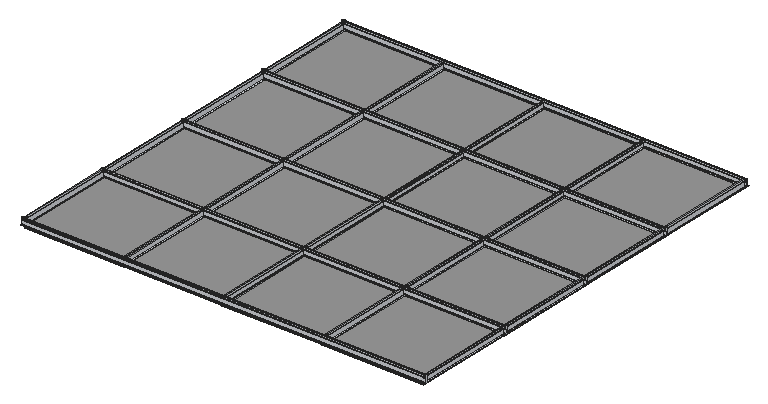
Revit family "GRD-TLE-001_RFA", category Modelos genéricos, Revit 2022 (continued)
Forms (in)
  Extrusion 209, solid
    sketch origin (0, 48, 0) x (0, 1, 0) y (0, 0, 1)
      loop
        line (0.42221, 1.66259) -> (0.42231, 0.67354)
        arc (0.42231, 0.67354) -> (0.41009, 0.64403) -> (0.38057, 0.6318) r 0.04174
        line (0.38057, 0.6318) -> (-0.00639, 0.6318) -> (-0.00639, 0.59057) -> (0.8874, 0.59057) -> (0.8874, 0.6318) -> (0.49998, 0.6318)
        arc (0.49998, 0.6318) -> (0.47046, 0.64403) -> (0.45824, 0.67354) r 0.04174
        line (0.45824, 0.67354) -> (0.45834, 1.66259)
        arc (0.45834, 1.66259) -> (0.46543, 1.67969) -> (0.48252, 1.68677) r 0.02418
        line (0.48252, 1.68677) -> (0.52252, 1.68677)
        arc (0.52252, 1.68677) -> (0.55303, 1.69941) -> (0.56566, 1.72991) r 0.04314
        line (0.56566, 1.72991) -> (0.56566, 2.14095)
        arc (0.56566, 2.14095) -> (0.5626, 2.15637) -> (0.55386, 2.16944) r 0.04029
        line (0.55386, 2.16944) -> (0.47053, 2.25277)
        arc (0.47053, 2.25277) -> (0.44027, 2.2653) -> (0.41002, 2.25277) r 0.04279
        line (0.41002, 2.25277) -> (0.32669, 2.16944)
        arc (0.32669, 2.16944) -> (0.31795, 2.15637) -> (0.31489, 2.14095) r 0.04029
        line (0.31489, 2.14095) -> (0.31489, 1.72991)
        arc (0.31489, 1.72991) -> (0.32752, 1.69941) -> (0.35803, 1.68677) r 0.04314
        line (0.35803, 1.68677) -> (0.39803, 1.68677)
        arc (0.39803, 1.68677) -> (0.41512, 1.67969) -> (0.42221, 1.66259) r 0.02418
      loop
        arc (0.33294, 1.7291) -> (0.34005, 1.71194) -> (0.35722, 1.70483) r 0.02428
        line (0.35722, 1.70483) -> (0.39815, 1.70483)
        arc (0.39815, 1.70483) -> (0.42797, 1.69248) -> (0.44023, 1.66266) r 0.04217
        arc (0.44023, 1.66266) -> (0.45258, 1.69248) -> (0.4824, 1.70483) r 0.04217
        line (0.4824, 1.70483) -> (0.52333, 1.70483)
        arc (0.52333, 1.70483) -> (0.54049, 1.71194) -> (0.54761, 1.7291) r 0.02428
        line (0.54761, 1.7291) -> (0.54761, 2.15016) -> (0.45704, 2.24072)
        arc (0.45704, 2.24072) -> (0.44027, 2.24767) -> (0.42351, 2.24072) r 0.02371
        line (0.42351, 2.24072) -> (0.33294, 2.15016) -> (0.33294, 1.7291)
    from 0 to 96.9361
  Extrusion 210, solid
    sketch origin (0, 72, 0) x (0, 1, 0) y (0, 0, 1)
      loop
        line (0.42221, 1.66259) -> (0.42231, 0.67354)
        arc (0.42231, 0.67354) -> (0.41009, 0.64403) -> (0.38057, 0.6318) r 0.04174
        line (0.38057, 0.6318) -> (-0.00639, 0.6318) -> (-0.00639, 0.59057) -> (0.8874, 0.59057) -> (0.8874, 0.6318) -> (0.49998, 0.6318)
        arc (0.49998, 0.6318) -> (0.47046, 0.64403) -> (0.45824, 0.67354) r 0.04174
        line (0.45824, 0.67354) -> (0.45834, 1.66259)
        arc (0.45834, 1.66259) -> (0.46543, 1.67969) -> (0.48252, 1.68677) r 0.02418
        line (0.48252, 1.68677) -> (0.52252, 1.68677)
        arc (0.52252, 1.68677) -> (0.55303, 1.69941) -> (0.56566, 1.72991) r 0.04314
        line (0.56566, 1.72991) -> (0.56566, 2.14095)
        arc (0.56566, 2.14095) -> (0.5626, 2.15637) -> (0.55386, 2.16944) r 0.04029
        line (0.55386, 2.16944) -> (0.47053, 2.25277)
        arc (0.47053, 2.25277) -> (0.44027, 2.2653) -> (0.41002, 2.25277) r 0.04279
        line (0.41002, 2.25277) -> (0.32669, 2.16944)
        arc (0.32669, 2.16944) -> (0.31795, 2.15637) -> (0.31489, 2.14095) r 0.04029
        line (0.31489, 2.14095) -> (0.31489, 1.72991)
        arc (0.31489, 1.72991) -> (0.32752, 1.69941) -> (0.35803, 1.68677) r 0.04314
        line (0.35803, 1.68677) -> (0.39803, 1.68677)
        arc (0.39803, 1.68677) -> (0.41512, 1.67969) -> (0.42221, 1.66259) r 0.02418
      loop
        arc (0.33294, 1.7291) -> (0.34005, 1.71194) -> (0.35722, 1.70483) r 0.02428
        line (0.35722, 1.70483) -> (0.39815, 1.70483)
        arc (0.39815, 1.70483) -> (0.42797, 1.69248) -> (0.44023, 1.66266) r 0.04217
        arc (0.44023, 1.66266) -> (0.45258, 1.69248) -> (0.4824, 1.70483) r 0.04217
        line (0.4824, 1.70483) -> (0.52333, 1.70483)
        arc (0.52333, 1.70483) -> (0.54049, 1.71194) -> (0.54761, 1.7291) r 0.02428
        line (0.54761, 1.7291) -> (0.54761, 2.15016) -> (0.45704, 2.24072)
        arc (0.45704, 2.24072) -> (0.44027, 2.24767) -> (0.42351, 2.24072) r 0.02371
        line (0.42351, 2.24072) -> (0.33294, 2.15016) -> (0.33294, 1.7291)
    from 0 to 96.9361
  Extrusion 211, solid
    sketch origin (0, 96, 0) x (0, 1, 0) y (0, 0, 1)
      loop
        line (0.42221, 1.66259) -> (0.42231, 0.67354)
        arc (0.42231, 0.67354) -> (0.41009, 0.64403) -> (0.38057, 0.6318) r 0.04174
        line (0.38057, 0.6318) -> (-0.00639, 0.6318) -> (-0.00639, 0.59057) -> (0.8874, 0.59057) -> (0.8874, 0.6318) -> (0.49998, 0.6318)
        arc (0.49998, 0.6318) -> (0.47046, 0.64403) -> (0.45824, 0.67354) r 0.04174
        line (0.45824, 0.67354) -> (0.45834, 1.66259)
        arc (0.45834, 1.66259) -> (0.46543, 1.67969) -> (0.48252, 1.68677) r 0.02418
        line (0.48252, 1.68677) -> (0.52252, 1.68677)
        arc (0.52252, 1.68677) -> (0.55303, 1.69941) -> (0.56566, 1.72991) r 0.04314
        line (0.56566, 1.72991) -> (0.56566, 2.14095)
        arc (0.56566, 2.14095) -> (0.5626, 2.15637) -> (0.55386, 2.16944) r 0.04029
        line (0.55386, 2.16944) -> (0.47053, 2.25277)
        arc (0.47053, 2.25277) -> (0.44027, 2.2653) -> (0.41002, 2.25277) r 0.04279
        line (0.41002, 2.25277) -> (0.32669, 2.16944)
        arc (0.32669, 2.16944) -> (0.31795, 2.15637) -> (0.31489, 2.14095) r 0.04029
        line (0.31489, 2.14095) -> (0.31489, 1.72991)
        arc (0.31489, 1.72991) -> (0.32752, 1.69941) -> (0.35803, 1.68677) r 0.04314
        line (0.35803, 1.68677) -> (0.39803, 1.68677)
        arc (0.39803, 1.68677) -> (0.41512, 1.67969) -> (0.42221, 1.66259) r 0.02418
      loop
        arc (0.33294, 1.7291) -> (0.34005, 1.71194) -> (0.35722, 1.70483) r 0.02428
        line (0.35722, 1.70483) -> (0.39815, 1.70483)
        arc (0.39815, 1.70483) -> (0.42797, 1.69248) -> (0.44023, 1.66266) r 0.04217
        arc (0.44023, 1.66266) -> (0.45258, 1.69248) -> (0.4824, 1.70483) r 0.04217
        line (0.4824, 1.70483) -> (0.52333, 1.70483)
        arc (0.52333, 1.70483) -> (0.54049, 1.71194) -> (0.54761, 1.7291) r 0.02428
        line (0.54761, 1.7291) -> (0.54761, 2.15016) -> (0.45704, 2.24072)
        arc (0.45704, 2.24072) -> (0.44027, 2.24767) -> (0.42351, 2.24072) r 0.02371
        line (0.42351, 2.24072) -> (0.33294, 2.15016) -> (0.33294, 1.7291)
    from 0 to 96.9361
  Extrusion 212, solid
    sketch origin (48.02754, 154.90856, 0) x (1, 0, 0) y (0, 0, 1)
      loop
        line (0.42221, 1.66259) -> (0.42231, 0.67354)
        arc (0.42231, 0.67354) -> (0.41009, 0.64403) -> (0.38057, 0.6318) r 0.04174
        line (0.38057, 0.6318) -> (-0.00639, 0.6318) -> (-0.00639, 0.59057) -> (0.8874, 0.59057) -> (0.8874, 0.6318) -> (0.49998, 0.6318)
        arc (0.49998, 0.6318) -> (0.47046, 0.64403) -> (0.45824, 0.67354) r 0.04174
        line (0.45824, 0.67354) -> (0.45834, 1.66259)
        arc (0.45834, 1.66259) -> (0.46543, 1.67969) -> (0.48252, 1.68677) r 0.02418
        line (0.48252, 1.68677) -> (0.52252, 1.68677)
        arc (0.52252, 1.68677) -> (0.55303, 1.69941) -> (0.56566, 1.72991) r 0.04314
        line (0.56566, 1.72991) -> (0.56566, 2.14095)
        arc (0.56566, 2.14095) -> (0.5626, 2.15637) -> (0.55386, 2.16944) r 0.04029
        line (0.55386, 2.16944) -> (0.47053, 2.25277)
        arc (0.47053, 2.25277) -> (0.44027, 2.2653) -> (0.41002, 2.25277) r 0.04279
        line (0.41002, 2.25277) -> (0.32669, 2.16944)
        arc (0.32669, 2.16944) -> (0.31795, 2.15637) -> (0.31489, 2.14095) r 0.04029
        line (0.31489, 2.14095) -> (0.31489, 1.72991)
        arc (0.31489, 1.72991) -> (0.32752, 1.69941) -> (0.35803, 1.68677) r 0.04314
        line (0.35803, 1.68677) -> (0.39803, 1.68677)
        arc (0.39803, 1.68677) -> (0.41512, 1.67969) -> (0.42221, 1.66259) r 0.02418
      loop
        arc (0.33294, 1.7291) -> (0.34005, 1.71194) -> (0.35722, 1.70483) r 0.02428
        line (0.35722, 1.70483) -> (0.39815, 1.70483)
        arc (0.39815, 1.70483) -> (0.42797, 1.69248) -> (0.44023, 1.66266) r 0.04217
        arc (0.44023, 1.66266) -> (0.45258, 1.69248) -> (0.4824, 1.70483) r 0.04217
        line (0.4824, 1.70483) -> (0.52333, 1.70483)
        arc (0.52333, 1.70483) -> (0.54049, 1.71194) -> (0.54761, 1.7291) r 0.02428
        line (0.54761, 1.7291) -> (0.54761, 2.15016) -> (0.45704, 2.24072)
        arc (0.45704, 2.24072) -> (0.44027, 2.24767) -> (0.42351, 2.24072) r 0.02371
        line (0.42351, 2.24072) -> (0.33294, 2.15016) -> (0.33294, 1.7291)
    from 58.93614 to 81.99864
  Extrusion 213, solid
    sketch origin (72.02767, 154.90856, 0) x (1, 0, 0) y (0, 0, 1)
      loop
        line (0.42221, 1.66259) -> (0.42231, 0.67354)
        arc (0.42231, 0.67354) -> (0.41009, 0.64403) -> (0.38057, 0.6318) r 0.04174
        line (0.38057, 0.6318) -> (-0.00639, 0.6318) -> (-0.00639, 0.59057) -> (0.8874, 0.59057) -> (0.8874, 0.6318) -> (0.49998, 0.6318)
        arc (0.49998, 0.6318) -> (0.47046, 0.64403) -> (0.45824, 0.67354) r 0.04174
        line (0.45824, 0.67354) -> (0.45834, 1.66259)
        arc (0.45834, 1.66259) -> (0.46543, 1.67969) -> (0.48252, 1.68677) r 0.02418
        line (0.48252, 1.68677) -> (0.52252, 1.68677)
        arc (0.52252, 1.68677) -> (0.55303, 1.69941) -> (0.56566, 1.72991) r 0.04314
        line (0.56566, 1.72991) -> (0.56566, 2.14095)
        arc (0.56566, 2.14095) -> (0.5626, 2.15637) -> (0.55386, 2.16944) r 0.04029
        line (0.55386, 2.16944) -> (0.47053, 2.25277)
        arc (0.47053, 2.25277) -> (0.44027, 2.2653) -> (0.41002, 2.25277) r 0.04279
        line (0.41002, 2.25277) -> (0.32669, 2.16944)
        arc (0.32669, 2.16944) -> (0.31795, 2.15637) -> (0.31489, 2.14095) r 0.04029
        line (0.31489, 2.14095) -> (0.31489, 1.72991)
        arc (0.31489, 1.72991) -> (0.32752, 1.69941) -> (0.35803, 1.68677) r 0.04314
        line (0.35803, 1.68677) -> (0.39803, 1.68677)
        arc (0.39803, 1.68677) -> (0.41512, 1.67969) -> (0.42221, 1.66259) r 0.02418
      loop
        arc (0.33294, 1.7291) -> (0.34005, 1.71194) -> (0.35722, 1.70483) r 0.02428
        line (0.35722, 1.70483) -> (0.39815, 1.70483)
        arc (0.39815, 1.70483) -> (0.42797, 1.69248) -> (0.44023, 1.66266) r 0.04217
        arc (0.44023, 1.66266) -> (0.45258, 1.69248) -> (0.4824, 1.70483) r 0.04217
        line (0.4824, 1.70483) -> (0.52333, 1.70483)
        arc (0.52333, 1.70483) -> (0.54049, 1.71194) -> (0.54761, 1.7291) r 0.02428
        line (0.54761, 1.7291) -> (0.54761, 2.15016) -> (0.45704, 2.24072)
        arc (0.45704, 2.24072) -> (0.44027, 2.24767) -> (0.42351, 2.24072) r 0.02371
        line (0.42351, 2.24072) -> (0.33294, 2.15016) -> (0.33294, 1.7291)
    from 58.93614 to 81.99864
  Extrusion 214, solid
    sketch origin (96.02767, 154.90856, 0) x (1, 0, 0) y (0, 0, 1)
      loop
        line (0.42221, 1.66259) -> (0.42231, 0.67354)
        arc (0.42231, 0.67354) -> (0.41009, 0.64403) -> (0.38057, 0.6318) r 0.04174
        line (0.38057, 0.6318) -> (-0.00639, 0.6318) -> (-0.00639, 0.59057) -> (0.8874, 0.59057) -> (0.8874, 0.6318) -> (0.49998, 0.6318)
        arc (0.49998, 0.6318) -> (0.47046, 0.64403) -> (0.45824, 0.67354) r 0.04174
        line (0.45824, 0.67354) -> (0.45834, 1.66259)
        arc (0.45834, 1.66259) -> (0.46543, 1.67969) -> (0.48252, 1.68677) r 0.02418
        line (0.48252, 1.68677) -> (0.52252, 1.68677)
        arc (0.52252, 1.68677) -> (0.55303, 1.69941) -> (0.56566, 1.72991) r 0.04314
        line (0.56566, 1.72991) -> (0.56566, 2.14095)
        arc (0.56566, 2.14095) -> (0.5626, 2.15637) -> (0.55386, 2.16944) r 0.04029
        line (0.55386, 2.16944) -> (0.47053, 2.25277)
        arc (0.47053, 2.25277) -> (0.44027, 2.2653) -> (0.41002, 2.25277) r 0.04279
        line (0.41002, 2.25277) -> (0.32669, 2.16944)
        arc (0.32669, 2.16944) -> (0.31795, 2.15637) -> (0.31489, 2.14095) r 0.04029
        line (0.31489, 2.14095) -> (0.31489, 1.72991)
        arc (0.31489, 1.72991) -> (0.32752, 1.69941) -> (0.35803, 1.68677) r 0.04314
        line (0.35803, 1.68677) -> (0.39803, 1.68677)
        arc (0.39803, 1.68677) -> (0.41512, 1.67969) -> (0.42221, 1.66259) r 0.02418
      loop
        arc (0.33294, 1.7291) -> (0.34005, 1.71194) -> (0.35722, 1.70483) r 0.02428
        line (0.35722, 1.70483) -> (0.39815, 1.70483)
        arc (0.39815, 1.70483) -> (0.42797, 1.69248) -> (0.44023, 1.66266) r 0.04217
        arc (0.44023, 1.66266) -> (0.45258, 1.69248) -> (0.4824, 1.70483) r 0.04217
        line (0.4824, 1.70483) -> (0.52333, 1.70483)
        arc (0.52333, 1.70483) -> (0.54049, 1.71194) -> (0.54761, 1.7291) r 0.02428
        line (0.54761, 1.7291) -> (0.54761, 2.15016) -> (0.45704, 2.24072)
        arc (0.45704, 2.24072) -> (0.44027, 2.24767) -> (0.42351, 2.24072) r 0.02371
        line (0.42351, 2.24072) -> (0.33294, 2.15016) -> (0.33294, 1.7291)
    from 58.93614 to 81.99864
  Extrusion 215, solid
    sketch origin (24.02767, 154.90856, 0) x (1, 0, 0) y (0, 0, 1)
      loop
        line (0.42221, 1.66259) -> (0.42231, 0.67354)
        arc (0.42231, 0.67354) -> (0.41009, 0.64403) -> (0.38057, 0.6318) r 0.04174
        line (0.38057, 0.6318) -> (-0.00639, 0.6318) -> (-0.00639, 0.59057) -> (0.8874, 0.59057) -> (0.8874, 0.6318) -> (0.49998, 0.6318)
        arc (0.49998, 0.6318) -> (0.47046, 0.64403) -> (0.45824, 0.67354) r 0.04174
        line (0.45824, 0.67354) -> (0.45834, 1.66259)
        arc (0.45834, 1.66259) -> (0.46543, 1.67969) -> (0.48252, 1.68677) r 0.02418
        line (0.48252, 1.68677) -> (0.52252, 1.68677)
        arc (0.52252, 1.68677) -> (0.55303, 1.69941) -> (0.56566, 1.72991) r 0.04314
        line (0.56566, 1.72991) -> (0.56566, 2.14095)
        arc (0.56566, 2.14095) -> (0.5626, 2.15637) -> (0.55386, 2.16944) r 0.04029
        line (0.55386, 2.16944) -> (0.47053, 2.25277)
        arc (0.47053, 2.25277) -> (0.44027, 2.2653) -> (0.41002, 2.25277) r 0.04279
        line (0.41002, 2.25277) -> (0.32669, 2.16944)
        arc (0.32669, 2.16944) -> (0.31795, 2.15637) -> (0.31489, 2.14095) r 0.04029
        line (0.31489, 2.14095) -> (0.31489, 1.72991)
        arc (0.31489, 1.72991) -> (0.32752, 1.69941) -> (0.35803, 1.68677) r 0.04314
        line (0.35803, 1.68677) -> (0.39803, 1.68677)
        arc (0.39803, 1.68677) -> (0.41512, 1.67969) -> (0.42221, 1.66259) r 0.02418
      loop
        arc (0.33294, 1.7291) -> (0.34005, 1.71194) -> (0.35722, 1.70483) r 0.02428
        line (0.35722, 1.70483) -> (0.39815, 1.70483)
        arc (0.39815, 1.70483) -> (0.42797, 1.69248) -> (0.44023, 1.66266) r 0.04217
        arc (0.44023, 1.66266) -> (0.45258, 1.69248) -> (0.4824, 1.70483) r 0.04217
        line (0.4824, 1.70483) -> (0.52333, 1.70483)
        arc (0.52333, 1.70483) -> (0.54049, 1.71194) -> (0.54761, 1.7291) r 0.02428
        line (0.54761, 1.7291) -> (0.54761, 2.15016) -> (0.45704, 2.24072)
        arc (0.45704, 2.24072) -> (0.44027, 2.24767) -> (0.42351, 2.24072) r 0.02371
        line (0.42351, 2.24072) -> (0.33294, 2.15016) -> (0.33294, 1.7291)
    from 58.93614 to 81.99864
  Extrusion 216, solid
    sketch origin (0.02767, 154.90856, 0) x (1, 0, 0) y (0, 0, 1)
      loop
        line (0.42221, 1.66259) -> (0.42231, 0.67354)
        arc (0.42231, 0.67354) -> (0.41009, 0.64403) -> (0.38057, 0.6318) r 0.04174
        line (0.38057, 0.6318) -> (-0.00639, 0.6318) -> (-0.00639, 0.59057) -> (0.8874, 0.59057) -> (0.8874, 0.6318) -> (0.49998, 0.6318)
        arc (0.49998, 0.6318) -> (0.47046, 0.64403) -> (0.45824, 0.67354) r 0.04174
        line (0.45824, 0.67354) -> (0.45834, 1.66259)
        arc (0.45834, 1.66259) -> (0.46543, 1.67969) -> (0.48252, 1.68677) r 0.02418
        line (0.48252, 1.68677) -> (0.52252, 1.68677)
        arc (0.52252, 1.68677) -> (0.55303, 1.69941) -> (0.56566, 1.72991) r 0.04314
        line (0.56566, 1.72991) -> (0.56566, 2.14095)
        arc (0.56566, 2.14095) -> (0.5626, 2.15637) -> (0.55386, 2.16944) r 0.04029
        line (0.55386, 2.16944) -> (0.47053, 2.25277)
        arc (0.47053, 2.25277) -> (0.44027, 2.2653) -> (0.41002, 2.25277) r 0.04279
        line (0.41002, 2.25277) -> (0.32669, 2.16944)
        arc (0.32669, 2.16944) -> (0.31795, 2.15637) -> (0.31489, 2.14095) r 0.04029
        line (0.31489, 2.14095) -> (0.31489, 1.72991)
        arc (0.31489, 1.72991) -> (0.32752, 1.69941) -> (0.35803, 1.68677) r 0.04314
        line (0.35803, 1.68677) -> (0.39803, 1.68677)
        arc (0.39803, 1.68677) -> (0.41512, 1.67969) -> (0.42221, 1.66259) r 0.02418
      loop
        arc (0.33294, 1.7291) -> (0.34005, 1.71194) -> (0.35722, 1.70483) r 0.02428
        line (0.35722, 1.70483) -> (0.39815, 1.70483)
        arc (0.39815, 1.70483) -> (0.42797, 1.69248) -> (0.44023, 1.66266) r 0.04217
        arc (0.44023, 1.66266) -> (0.45258, 1.69248) -> (0.4824, 1.70483) r 0.04217
        line (0.4824, 1.70483) -> (0.52333, 1.70483)
        arc (0.52333, 1.70483) -> (0.54049, 1.71194) -> (0.54761, 1.7291) r 0.02428
        line (0.54761, 1.7291) -> (0.54761, 2.15016) -> (0.45704, 2.24072)
        arc (0.45704, 2.24072) -> (0.44027, 2.24767) -> (0.42351, 2.24072) r 0.02371
        line (0.42351, 2.24072) -> (0.33294, 2.15016) -> (0.33294, 1.7291)
    from 58.93614 to 81.99864
  Extrusion 217, solid
    sketch origin (48.02754, 130.90855, 0) x (1, 0, 0) y (0, 0, 1)
      loop
        line (0.42221, 1.66259) -> (0.42231, 0.67354)
        arc (0.42231, 0.67354) -> (0.41009, 0.64403) -> (0.38057, 0.6318) r 0.04174
        line (0.38057, 0.6318) -> (-0.00639, 0.6318) -> (-0.00639, 0.59057) -> (0.8874, 0.59057) -> (0.8874, 0.6318) -> (0.49998, 0.6318)
        arc (0.49998, 0.6318) -> (0.47046, 0.64403) -> (0.45824, 0.67354) r 0.04174
        line (0.45824, 0.67354) -> (0.45834, 1.66259)
        arc (0.45834, 1.66259) -> (0.46543, 1.67969) -> (0.48252, 1.68677) r 0.02418
        line (0.48252, 1.68677) -> (0.52252, 1.68677)
        arc (0.52252, 1.68677) -> (0.55303, 1.69941) -> (0.56566, 1.72991) r 0.04314
        line (0.56566, 1.72991) -> (0.56566, 2.14095)
        arc (0.56566, 2.14095) -> (0.5626, 2.15637) -> (0.55386, 2.16944) r 0.04029
        line (0.55386, 2.16944) -> (0.47053, 2.25277)
        arc (0.47053, 2.25277) -> (0.44027, 2.2653) -> (0.41002, 2.25277) r 0.04279
        line (0.41002, 2.25277) -> (0.32669, 2.16944)
        arc (0.32669, 2.16944) -> (0.31795, 2.15637) -> (0.31489, 2.14095) r 0.04029
        line (0.31489, 2.14095) -> (0.31489, 1.72991)
        arc (0.31489, 1.72991) -> (0.32752, 1.69941) -> (0.35803, 1.68677) r 0.04314
        line (0.35803, 1.68677) -> (0.39803, 1.68677)
        arc (0.39803, 1.68677) -> (0.41512, 1.67969) -> (0.42221, 1.66259) r 0.02418
      loop
        arc (0.33294, 1.7291) -> (0.34005, 1.71194) -> (0.35722, 1.70483) r 0.02428
        line (0.35722, 1.70483) -> (0.39815, 1.70483)
        arc (0.39815, 1.70483) -> (0.42797, 1.69248) -> (0.44023, 1.66266) r 0.04217
        arc (0.44023, 1.66266) -> (0.45258, 1.69248) -> (0.4824, 1.70483) r 0.04217
        line (0.4824, 1.70483) -> (0.52333, 1.70483)
        arc (0.52333, 1.70483) -> (0.54049, 1.71194) -> (0.54761, 1.7291) r 0.02428
        line (0.54761, 1.7291) -> (0.54761, 2.15016) -> (0.45704, 2.24072)
        arc (0.45704, 2.24072) -> (0.44027, 2.24767) -> (0.42351, 2.24072) r 0.02371
        line (0.42351, 2.24072) -> (0.33294, 2.15016) -> (0.33294, 1.7291)
    from 58.93614 to 81.99864
  Extrusion 218, solid
    sketch origin (72.02767, 130.90855, 0) x (1, 0, 0) y (0, 0, 1)
      loop
        line (0.42221, 1.66259) -> (0.42231, 0.67354)
        arc (0.42231, 0.67354) -> (0.41009, 0.64403) -> (0.38057, 0.6318) r 0.04174
        line (0.38057, 0.6318) -> (-0.00639, 0.6318) -> (-0.00639, 0.59057) -> (0.8874, 0.59057) -> (0.8874, 0.6318) -> (0.49998, 0.6318)
        arc (0.49998, 0.6318) -> (0.47046, 0.64403) -> (0.45824, 0.67354) r 0.04174
        line (0.45824, 0.67354) -> (0.45834, 1.66259)
        arc (0.45834, 1.66259) -> (0.46543, 1.67969) -> (0.48252, 1.68677) r 0.02418
        line (0.48252, 1.68677) -> (0.52252, 1.68677)
        arc (0.52252, 1.68677) -> (0.55303, 1.69941) -> (0.56566, 1.72991) r 0.04314
        line (0.56566, 1.72991) -> (0.56566, 2.14095)
        arc (0.56566, 2.14095) -> (0.5626, 2.15637) -> (0.55386, 2.16944) r 0.04029
        line (0.55386, 2.16944) -> (0.47053, 2.25277)
        arc (0.47053, 2.25277) -> (0.44027, 2.2653) -> (0.41002, 2.25277) r 0.04279
        line (0.41002, 2.25277) -> (0.32669, 2.16944)
        arc (0.32669, 2.16944) -> (0.31795, 2.15637) -> (0.31489, 2.14095) r 0.04029
        line (0.31489, 2.14095) -> (0.31489, 1.72991)
        arc (0.31489, 1.72991) -> (0.32752, 1.69941) -> (0.35803, 1.68677) r 0.04314
        line (0.35803, 1.68677) -> (0.39803, 1.68677)
        arc (0.39803, 1.68677) -> (0.41512, 1.67969) -> (0.42221, 1.66259) r 0.02418
      loop
        arc (0.33294, 1.7291) -> (0.34005, 1.71194) -> (0.35722, 1.70483) r 0.02428
        line (0.35722, 1.70483) -> (0.39815, 1.70483)
        arc (0.39815, 1.70483) -> (0.42797, 1.69248) -> (0.44023, 1.66266) r 0.04217
        arc (0.44023, 1.66266) -> (0.45258, 1.69248) -> (0.4824, 1.70483) r 0.04217
        line (0.4824, 1.70483) -> (0.52333, 1.70483)
        arc (0.52333, 1.70483) -> (0.54049, 1.71194) -> (0.54761, 1.7291) r 0.02428
        line (0.54761, 1.7291) -> (0.54761, 2.15016) -> (0.45704, 2.24072)
        arc (0.45704, 2.24072) -> (0.44027, 2.24767) -> (0.42351, 2.24072) r 0.02371
        line (0.42351, 2.24072) -> (0.33294, 2.15016) -> (0.33294, 1.7291)
    from 58.93614 to 81.99864
  Extrusion 219, solid
    sketch origin (96.02767, 130.90855, 0) x (1, 0, 0) y (0, 0, 1)
      loop
        line (0.42221, 1.66259) -> (0.42231, 0.67354)
        arc (0.42231, 0.67354) -> (0.41009, 0.64403) -> (0.38057, 0.6318) r 0.04174
        line (0.38057, 0.6318) -> (-0.00639, 0.6318) -> (-0.00639, 0.59057) -> (0.8874, 0.59057) -> (0.8874, 0.6318) -> (0.49998, 0.6318)
        arc (0.49998, 0.6318) -> (0.47046, 0.64403) -> (0.45824, 0.67354) r 0.04174
        line (0.45824, 0.67354) -> (0.45834, 1.66259)
        arc (0.45834, 1.66259) -> (0.46543, 1.67969) -> (0.48252, 1.68677) r 0.02418
        line (0.48252, 1.68677) -> (0.52252, 1.68677)
        arc (0.52252, 1.68677) -> (0.55303, 1.69941) -> (0.56566, 1.72991) r 0.04314
        line (0.56566, 1.72991) -> (0.56566, 2.14095)
        arc (0.56566, 2.14095) -> (0.5626, 2.15637) -> (0.55386, 2.16944) r 0.04029
        line (0.55386, 2.16944) -> (0.47053, 2.25277)
        arc (0.47053, 2.25277) -> (0.44027, 2.2653) -> (0.41002, 2.25277) r 0.04279
        line (0.41002, 2.25277) -> (0.32669, 2.16944)
        arc (0.32669, 2.16944) -> (0.31795, 2.15637) -> (0.31489, 2.14095) r 0.04029
        line (0.31489, 2.14095) -> (0.31489, 1.72991)
        arc (0.31489, 1.72991) -> (0.32752, 1.69941) -> (0.35803, 1.68677) r 0.04314
        line (0.35803, 1.68677) -> (0.39803, 1.68677)
        arc (0.39803, 1.68677) -> (0.41512, 1.67969) -> (0.42221, 1.66259) r 0.02418
      loop
        arc (0.33294, 1.7291) -> (0.34005, 1.71194) -> (0.35722, 1.70483) r 0.02428
        line (0.35722, 1.70483) -> (0.39815, 1.70483)
        arc (0.39815, 1.70483) -> (0.42797, 1.69248) -> (0.44023, 1.66266) r 0.04217
        arc (0.44023, 1.66266) -> (0.45258, 1.69248) -> (0.4824, 1.70483) r 0.04217
        line (0.4824, 1.70483) -> (0.52333, 1.70483)
        arc (0.52333, 1.70483) -> (0.54049, 1.71194) -> (0.54761, 1.7291) r 0.02428
        line (0.54761, 1.7291) -> (0.54761, 2.15016) -> (0.45704, 2.24072)
        arc (0.45704, 2.24072) -> (0.44027, 2.24767) -> (0.42351, 2.24072) r 0.02371
        line (0.42351, 2.24072) -> (0.33294, 2.15016) -> (0.33294, 1.7291)
    from 58.93614 to 81.99864
  Extrusion 220, solid
    sketch origin (24.02767, 130.90855, 0) x (1, 0, 0) y (0, 0, 1)
      loop
        line (0.42221, 1.66259) -> (0.42231, 0.67354)
        arc (0.42231, 0.67354) -> (0.41009, 0.64403) -> (0.38057, 0.6318) r 0.04174
        line (0.38057, 0.6318) -> (-0.00639, 0.6318) -> (-0.00639, 0.59057) -> (0.8874, 0.59057) -> (0.8874, 0.6318) -> (0.49998, 0.6318)
        arc (0.49998, 0.6318) -> (0.47046, 0.64403) -> (0.45824, 0.67354) r 0.04174
        line (0.45824, 0.67354) -> (0.45834, 1.66259)
        arc (0.45834, 1.66259) -> (0.46543, 1.67969) -> (0.48252, 1.68677) r 0.02418
        line (0.48252, 1.68677) -> (0.52252, 1.68677)
        arc (0.52252, 1.68677) -> (0.55303, 1.69941) -> (0.56566, 1.72991) r 0.04314
        line (0.56566, 1.72991) -> (0.56566, 2.14095)
        arc (0.56566, 2.14095) -> (0.5626, 2.15637) -> (0.55386, 2.16944) r 0.04029
        line (0.55386, 2.16944) -> (0.47053, 2.25277)
        arc (0.47053, 2.25277) -> (0.44027, 2.2653) -> (0.41002, 2.25277) r 0.04279
        line (0.41002, 2.25277) -> (0.32669, 2.16944)
        arc (0.32669, 2.16944) -> (0.31795, 2.15637) -> (0.31489, 2.14095) r 0.04029
        line (0.31489, 2.14095) -> (0.31489, 1.72991)
        arc (0.31489, 1.72991) -> (0.32752, 1.69941) -> (0.35803, 1.68677) r 0.04314
        line (0.35803, 1.68677) -> (0.39803, 1.68677)
        arc (0.39803, 1.68677) -> (0.41512, 1.67969) -> (0.42221, 1.66259) r 0.02418
      loop
        arc (0.33294, 1.7291) -> (0.34005, 1.71194) -> (0.35722, 1.70483) r 0.02428
        line (0.35722, 1.70483) -> (0.39815, 1.70483)
        arc (0.39815, 1.70483) -> (0.42797, 1.69248) -> (0.44023, 1.66266) r 0.04217
        arc (0.44023, 1.66266) -> (0.45258, 1.69248) -> (0.4824, 1.70483) r 0.04217
        line (0.4824, 1.70483) -> (0.52333, 1.70483)
        arc (0.52333, 1.70483) -> (0.54049, 1.71194) -> (0.54761, 1.7291) r 0.02428
        line (0.54761, 1.7291) -> (0.54761, 2.15016) -> (0.45704, 2.24072)
        arc (0.45704, 2.24072) -> (0.44027, 2.24767) -> (0.42351, 2.24072) r 0.02371
        line (0.42351, 2.24072) -> (0.33294, 2.15016) -> (0.33294, 1.7291)
    from 58.93614 to 81.99864
  Extrusion 221, solid
    sketch origin (0.02767, 130.90855, 0) x (1, 0, 0) y (0, 0, 1)
      loop
        line (0.42221, 1.66259) -> (0.42231, 0.67354)
        arc (0.42231, 0.67354) -> (0.41009, 0.64403) -> (0.38057, 0.6318) r 0.04174
        line (0.38057, 0.6318) -> (-0.00639, 0.6318) -> (-0.00639, 0.59057) -> (0.8874, 0.59057) -> (0.8874, 0.6318) -> (0.49998, 0.6318)
        arc (0.49998, 0.6318) -> (0.47046, 0.64403) -> (0.45824, 0.67354) r 0.04174
        line (0.45824, 0.67354) -> (0.45834, 1.66259)
        arc (0.45834, 1.66259) -> (0.46543, 1.67969) -> (0.48252, 1.68677) r 0.02418
        line (0.48252, 1.68677) -> (0.52252, 1.68677)
        arc (0.52252, 1.68677) -> (0.55303, 1.69941) -> (0.56566, 1.72991) r 0.04314
        line (0.56566, 1.72991) -> (0.56566, 2.14095)
        arc (0.56566, 2.14095) -> (0.5626, 2.15637) -> (0.55386, 2.16944) r 0.04029
        line (0.55386, 2.16944) -> (0.47053, 2.25277)
        arc (0.47053, 2.25277) -> (0.44027, 2.2653) -> (0.41002, 2.25277) r 0.04279
        line (0.41002, 2.25277) -> (0.32669, 2.16944)
        arc (0.32669, 2.16944) -> (0.31795, 2.15637) -> (0.31489, 2.14095) r 0.04029
        line (0.31489, 2.14095) -> (0.31489, 1.72991)
        arc (0.31489, 1.72991) -> (0.32752, 1.69941) -> (0.35803, 1.68677) r 0.04314
        line (0.35803, 1.68677) -> (0.39803, 1.68677)
        arc (0.39803, 1.68677) -> (0.41512, 1.67969) -> (0.42221, 1.66259) r 0.02418
      loop
        arc (0.33294, 1.7291) -> (0.34005, 1.71194) -> (0.35722, 1.70483) r 0.02428
        line (0.35722, 1.70483) -> (0.39815, 1.70483)
        arc (0.39815, 1.70483) -> (0.42797, 1.69248) -> (0.44023, 1.66266) r 0.04217
        arc (0.44023, 1.66266) -> (0.45258, 1.69248) -> (0.4824, 1.70483) r 0.04217
        line (0.4824, 1.70483) -> (0.52333, 1.70483)
        arc (0.52333, 1.70483) -> (0.54049, 1.71194) -> (0.54761, 1.7291) r 0.02428
        line (0.54761, 1.7291) -> (0.54761, 2.15016) -> (0.45704, 2.24072)
        arc (0.45704, 2.24072) -> (0.44027, 2.24767) -> (0.42351, 2.24072) r 0.02371
        line (0.42351, 2.24072) -> (0.33294, 2.15016) -> (0.33294, 1.7291)
    from 58.93614 to 81.99864
  Extrusion 222, solid
    sketch origin (48.02754, 106.90856, 0) x (1, 0, 0) y (0, 0, 1)
      loop
        line (0.42221, 1.66259) -> (0.42231, 0.67354)
        arc (0.42231, 0.67354) -> (0.41009, 0.64403) -> (0.38057, 0.6318) r 0.04174
        line (0.38057, 0.6318) -> (-0.00639, 0.6318) -> (-0.00639, 0.59057) -> (0.8874, 0.59057) -> (0.8874, 0.6318) -> (0.49998, 0.6318)
        arc (0.49998, 0.6318) -> (0.47046, 0.64403) -> (0.45824, 0.67354) r 0.04174
        line (0.45824, 0.67354) -> (0.45834, 1.66259)
        arc (0.45834, 1.66259) -> (0.46543, 1.67969) -> (0.48252, 1.68677) r 0.02418
        line (0.48252, 1.68677) -> (0.52252, 1.68677)
        arc (0.52252, 1.68677) -> (0.55303, 1.69941) -> (0.56566, 1.72991) r 0.04314
        line (0.56566, 1.72991) -> (0.56566, 2.14095)
        arc (0.56566, 2.14095) -> (0.5626, 2.15637) -> (0.55386, 2.16944) r 0.04029
        line (0.55386, 2.16944) -> (0.47053, 2.25277)
        arc (0.47053, 2.25277) -> (0.44027, 2.2653) -> (0.41002, 2.25277) r 0.04279
        line (0.41002, 2.25277) -> (0.32669, 2.16944)
        arc (0.32669, 2.16944) -> (0.31795, 2.15637) -> (0.31489, 2.14095) r 0.04029
        line (0.31489, 2.14095) -> (0.31489, 1.72991)
        arc (0.31489, 1.72991) -> (0.32752, 1.69941) -> (0.35803, 1.68677) r 0.04314
        line (0.35803, 1.68677) -> (0.39803, 1.68677)
        arc (0.39803, 1.68677) -> (0.41512, 1.67969) -> (0.42221, 1.66259) r 0.02418
      loop
        arc (0.33294, 1.7291) -> (0.34005, 1.71194) -> (0.35722, 1.70483) r 0.02428
        line (0.35722, 1.70483) -> (0.39815, 1.70483)
        arc (0.39815, 1.70483) -> (0.42797, 1.69248) -> (0.44023, 1.66266) r 0.04217
        arc (0.44023, 1.66266) -> (0.45258, 1.69248) -> (0.4824, 1.70483) r 0.04217
        line (0.4824, 1.70483) -> (0.52333, 1.70483)
        arc (0.52333, 1.70483) -> (0.54049, 1.71194) -> (0.54761, 1.7291) r 0.02428
        line (0.54761, 1.7291) -> (0.54761, 2.15016) -> (0.45704, 2.24072)
        arc (0.45704, 2.24072) -> (0.44027, 2.24767) -> (0.42351, 2.24072) r 0.02371
        line (0.42351, 2.24072) -> (0.33294, 2.15016) -> (0.33294, 1.7291)
    from 58.93614 to 81.99864
  Extrusion 223, solid
    sketch origin (72.02767, 106.90856, 0) x (1, 0, 0) y (0, 0, 1)
      loop
        line (0.42221, 1.66259) -> (0.42231, 0.67354)
        arc (0.42231, 0.67354) -> (0.41009, 0.64403) -> (0.38057, 0.6318) r 0.04174
        line (0.38057, 0.6318) -> (-0.00639, 0.6318) -> (-0.00639, 0.59057) -> (0.8874, 0.59057) -> (0.8874, 0.6318) -> (0.49998, 0.6318)
        arc (0.49998, 0.6318) -> (0.47046, 0.64403) -> (0.45824, 0.67354) r 0.04174
        line (0.45824, 0.67354) -> (0.45834, 1.66259)
        arc (0.45834, 1.66259) -> (0.46543, 1.67969) -> (0.48252, 1.68677) r 0.02418
        line (0.48252, 1.68677) -> (0.52252, 1.68677)
        arc (0.52252, 1.68677) -> (0.55303, 1.69941) -> (0.56566, 1.72991) r 0.04314
        line (0.56566, 1.72991) -> (0.56566, 2.14095)
        arc (0.56566, 2.14095) -> (0.5626, 2.15637) -> (0.55386, 2.16944) r 0.04029
        line (0.55386, 2.16944) -> (0.47053, 2.25277)
        arc (0.47053, 2.25277) -> (0.44027, 2.2653) -> (0.41002, 2.25277) r 0.04279
        line (0.41002, 2.25277) -> (0.32669, 2.16944)
        arc (0.32669, 2.16944) -> (0.31795, 2.15637) -> (0.31489, 2.14095) r 0.04029
        line (0.31489, 2.14095) -> (0.31489, 1.72991)
        arc (0.31489, 1.72991) -> (0.32752, 1.69941) -> (0.35803, 1.68677) r 0.04314
        line (0.35803, 1.68677) -> (0.39803, 1.68677)
        arc (0.39803, 1.68677) -> (0.41512, 1.67969) -> (0.42221, 1.66259) r 0.02418
      loop
        arc (0.33294, 1.7291) -> (0.34005, 1.71194) -> (0.35722, 1.70483) r 0.02428
        line (0.35722, 1.70483) -> (0.39815, 1.70483)
        arc (0.39815, 1.70483) -> (0.42797, 1.69248) -> (0.44023, 1.66266) r 0.04217
        arc (0.44023, 1.66266) -> (0.45258, 1.69248) -> (0.4824, 1.70483) r 0.04217
        line (0.4824, 1.70483) -> (0.52333, 1.70483)
        arc (0.52333, 1.70483) -> (0.54049, 1.71194) -> (0.54761, 1.7291) r 0.02428
        line (0.54761, 1.7291) -> (0.54761, 2.15016) -> (0.45704, 2.24072)
        arc (0.45704, 2.24072) -> (0.44027, 2.24767) -> (0.42351, 2.24072) r 0.02371
        line (0.42351, 2.24072) -> (0.33294, 2.15016) -> (0.33294, 1.7291)
    from 58.93614 to 81.99864
  Extrusion 224, solid
    sketch origin (96.02767, 106.90856, 0) x (1, 0, 0) y (0, 0, 1)
      loop
        line (0.42221, 1.66259) -> (0.42231, 0.67354)
        arc (0.42231, 0.67354) -> (0.41009, 0.64403) -> (0.38057, 0.6318) r 0.04174
        line (0.38057, 0.6318) -> (-0.00639, 0.6318) -> (-0.00639, 0.59057) -> (0.8874, 0.59057) -> (0.8874, 0.6318) -> (0.49998, 0.6318)
        arc (0.49998, 0.6318) -> (0.47046, 0.64403) -> (0.45824, 0.67354) r 0.04174
        line (0.45824, 0.67354) -> (0.45834, 1.66259)
        arc (0.45834, 1.66259) -> (0.46543, 1.67969) -> (0.48252, 1.68677) r 0.02418
        line (0.48252, 1.68677) -> (0.52252, 1.68677)
        arc (0.52252, 1.68677) -> (0.55303, 1.69941) -> (0.56566, 1.72991) r 0.04314
        line (0.56566, 1.72991) -> (0.56566, 2.14095)
        arc (0.56566, 2.14095) -> (0.5626, 2.15637) -> (0.55386, 2.16944) r 0.04029
        line (0.55386, 2.16944) -> (0.47053, 2.25277)
        arc (0.47053, 2.25277) -> (0.44027, 2.2653) -> (0.41002, 2.25277) r 0.04279
        line (0.41002, 2.25277) -> (0.32669, 2.16944)
        arc (0.32669, 2.16944) -> (0.31795, 2.15637) -> (0.31489, 2.14095) r 0.04029
        line (0.31489, 2.14095) -> (0.31489, 1.72991)
        arc (0.31489, 1.72991) -> (0.32752, 1.69941) -> (0.35803, 1.68677) r 0.04314
        line (0.35803, 1.68677) -> (0.39803, 1.68677)
        arc (0.39803, 1.68677) -> (0.41512, 1.67969) -> (0.42221, 1.66259) r 0.02418
      loop
        arc (0.33294, 1.7291) -> (0.34005, 1.71194) -> (0.35722, 1.70483) r 0.02428
        line (0.35722, 1.70483) -> (0.39815, 1.70483)
        arc (0.39815, 1.70483) -> (0.42797, 1.69248) -> (0.44023, 1.66266) r 0.04217
        arc (0.44023, 1.66266) -> (0.45258, 1.69248) -> (0.4824, 1.70483) r 0.04217
        line (0.4824, 1.70483) -> (0.52333, 1.70483)
        arc (0.52333, 1.70483) -> (0.54049, 1.71194) -> (0.54761, 1.7291) r 0.02428
        line (0.54761, 1.7291) -> (0.54761, 2.15016) -> (0.45704, 2.24072)
        arc (0.45704, 2.24072) -> (0.44027, 2.24767) -> (0.42351, 2.24072) r 0.02371
        line (0.42351, 2.24072) -> (0.33294, 2.15016) -> (0.33294, 1.7291)
    from 58.93614 to 81.99864
  Extrusion 225, solid
    sketch origin (24.02767, 106.90856, 0) x (1, 0, 0) y (0, 0, 1)
      loop
        line (0.42221, 1.66259) -> (0.42231, 0.67354)
        arc (0.42231, 0.67354) -> (0.41009, 0.64403) -> (0.38057, 0.6318) r 0.04174
        line (0.38057, 0.6318) -> (-0.00639, 0.6318) -> (-0.00639, 0.59057) -> (0.8874, 0.59057) -> (0.8874, 0.6318) -> (0.49998, 0.6318)
        arc (0.49998, 0.6318) -> (0.47046, 0.64403) -> (0.45824, 0.67354) r 0.04174
        line (0.45824, 0.67354) -> (0.45834, 1.66259)
        arc (0.45834, 1.66259) -> (0.46543, 1.67969) -> (0.48252, 1.68677) r 0.02418
        line (0.48252, 1.68677) -> (0.52252, 1.68677)
        arc (0.52252, 1.68677) -> (0.55303, 1.69941) -> (0.56566, 1.72991) r 0.04314
        line (0.56566, 1.72991) -> (0.56566, 2.14095)
        arc (0.56566, 2.14095) -> (0.5626, 2.15637) -> (0.55386, 2.16944) r 0.04029
        line (0.55386, 2.16944) -> (0.47053, 2.25277)
        arc (0.47053, 2.25277) -> (0.44027, 2.2653) -> (0.41002, 2.25277) r 0.04279
        line (0.41002, 2.25277) -> (0.32669, 2.16944)
        arc (0.32669, 2.16944) -> (0.31795, 2.15637) -> (0.31489, 2.14095) r 0.04029
        line (0.31489, 2.14095) -> (0.31489, 1.72991)
        arc (0.31489, 1.72991) -> (0.32752, 1.69941) -> (0.35803, 1.68677) r 0.04314
        line (0.35803, 1.68677) -> (0.39803, 1.68677)
        arc (0.39803, 1.68677) -> (0.41512, 1.67969) -> (0.42221, 1.66259) r 0.02418
      loop
        arc (0.33294, 1.7291) -> (0.34005, 1.71194) -> (0.35722, 1.70483) r 0.02428
        line (0.35722, 1.70483) -> (0.39815, 1.70483)
        arc (0.39815, 1.70483) -> (0.42797, 1.69248) -> (0.44023, 1.66266) r 0.04217
        arc (0.44023, 1.66266) -> (0.45258, 1.69248) -> (0.4824, 1.70483) r 0.04217
        line (0.4824, 1.70483) -> (0.52333, 1.70483)
        arc (0.52333, 1.70483) -> (0.54049, 1.71194) -> (0.54761, 1.7291) r 0.02428
        line (0.54761, 1.7291) -> (0.54761, 2.15016) -> (0.45704, 2.24072)
        arc (0.45704, 2.24072) -> (0.44027, 2.24767) -> (0.42351, 2.24072) r 0.02371
        line (0.42351, 2.24072) -> (0.33294, 2.15016) -> (0.33294, 1.7291)
    from 58.93614 to 81.99864
  Extrusion 226, solid
    sketch origin (0.02767, 106.90856, 0) x (1, 0, 0) y (0, 0, 1)
      loop
        line (0.42221, 1.66259) -> (0.42231, 0.67354)
        arc (0.42231, 0.67354) -> (0.41009, 0.64403) -> (0.38057, 0.6318) r 0.04174
        line (0.38057, 0.6318) -> (-0.00639, 0.6318) -> (-0.00639, 0.59057) -> (0.8874, 0.59057) -> (0.8874, 0.6318) -> (0.49998, 0.6318)
        arc (0.49998, 0.6318) -> (0.47046, 0.64403) -> (0.45824, 0.67354) r 0.04174
        line (0.45824, 0.67354) -> (0.45834, 1.66259)
        arc (0.45834, 1.66259) -> (0.46543, 1.67969) -> (0.48252, 1.68677) r 0.02418
        line (0.48252, 1.68677) -> (0.52252, 1.68677)
        arc (0.52252, 1.68677) -> (0.55303, 1.69941) -> (0.56566, 1.72991) r 0.04314
        line (0.56566, 1.72991) -> (0.56566, 2.14095)
        arc (0.56566, 2.14095) -> (0.5626, 2.15637) -> (0.55386, 2.16944) r 0.04029
        line (0.55386, 2.16944) -> (0.47053, 2.25277)
        arc (0.47053, 2.25277) -> (0.44027, 2.2653) -> (0.41002, 2.25277) r 0.04279
        line (0.41002, 2.25277) -> (0.32669, 2.16944)
        arc (0.32669, 2.16944) -> (0.31795, 2.15637) -> (0.31489, 2.14095) r 0.04029
        line (0.31489, 2.14095) -> (0.31489, 1.72991)
        arc (0.31489, 1.72991) -> (0.32752, 1.69941) -> (0.35803, 1.68677) r 0.04314
        line (0.35803, 1.68677) -> (0.39803, 1.68677)
        arc (0.39803, 1.68677) -> (0.41512, 1.67969) -> (0.42221, 1.66259) r 0.02418
      loop
        arc (0.33294, 1.7291) -> (0.34005, 1.71194) -> (0.35722, 1.70483) r 0.02428
        line (0.35722, 1.70483) -> (0.39815, 1.70483)
        arc (0.39815, 1.70483) -> (0.42797, 1.69248) -> (0.44023, 1.66266) r 0.04217
        arc (0.44023, 1.66266) -> (0.45258, 1.69248) -> (0.4824, 1.70483) r 0.04217
        line (0.4824, 1.70483) -> (0.52333, 1.70483)
        arc (0.52333, 1.70483) -> (0.54049, 1.71194) -> (0.54761, 1.7291) r 0.02428
        line (0.54761, 1.7291) -> (0.54761, 2.15016) -> (0.45704, 2.24072)
        arc (0.45704, 2.24072) -> (0.44027, 2.24767) -> (0.42351, 2.24072) r 0.02371
        line (0.42351, 2.24072) -> (0.33294, 2.15016) -> (0.33294, 1.7291)
    from 58.93614 to 81.99864
  Extrusion 227, solid
    sketch origin (48.02754, 82.90856, 0) x (1, 0, 0) y (0, 0, 1)
      loop
        line (0.42221, 1.66259) -> (0.42231, 0.67354)
        arc (0.42231, 0.67354) -> (0.41009, 0.64403) -> (0.38057, 0.6318) r 0.04174
        line (0.38057, 0.6318) -> (-0.00639, 0.6318) -> (-0.00639, 0.59057) -> (0.8874, 0.59057) -> (0.8874, 0.6318) -> (0.49998, 0.6318)
        arc (0.49998, 0.6318) -> (0.47046, 0.64403) -> (0.45824, 0.67354) r 0.04174
        line (0.45824, 0.67354) -> (0.45834, 1.66259)
        arc (0.45834, 1.66259) -> (0.46543, 1.67969) -> (0.48252, 1.68677) r 0.02418
        line (0.48252, 1.68677) -> (0.52252, 1.68677)
        arc (0.52252, 1.68677) -> (0.55303, 1.69941) -> (0.56566, 1.72991) r 0.04314
        line (0.56566, 1.72991) -> (0.56566, 2.14095)
        arc (0.56566, 2.14095) -> (0.5626, 2.15637) -> (0.55386, 2.16944) r 0.04029
        line (0.55386, 2.16944) -> (0.47053, 2.25277)
        arc (0.47053, 2.25277) -> (0.44027, 2.2653) -> (0.41002, 2.25277) r 0.04279
        line (0.41002, 2.25277) -> (0.32669, 2.16944)
        arc (0.32669, 2.16944) -> (0.31795, 2.15637) -> (0.31489, 2.14095) r 0.04029
        line (0.31489, 2.14095) -> (0.31489, 1.72991)
        arc (0.31489, 1.72991) -> (0.32752, 1.69941) -> (0.35803, 1.68677) r 0.04314
        line (0.35803, 1.68677) -> (0.39803, 1.68677)
        arc (0.39803, 1.68677) -> (0.41512, 1.67969) -> (0.42221, 1.66259) r 0.02418
      loop
        arc (0.33294, 1.7291) -> (0.34005, 1.71194) -> (0.35722, 1.70483) r 0.02428
        line (0.35722, 1.70483) -> (0.39815, 1.70483)
        arc (0.39815, 1.70483) -> (0.42797, 1.69248) -> (0.44023, 1.66266) r 0.04217
        arc (0.44023, 1.66266) -> (0.45258, 1.69248) -> (0.4824, 1.70483) r 0.04217
        line (0.4824, 1.70483) -> (0.52333, 1.70483)
        arc (0.52333, 1.70483) -> (0.54049, 1.71194) -> (0.54761, 1.7291) r 0.02428
        line (0.54761, 1.7291) -> (0.54761, 2.15016) -> (0.45704, 2.24072)
        arc (0.45704, 2.24072) -> (0.44027, 2.24767) -> (0.42351, 2.24072) r 0.02371
        line (0.42351, 2.24072) -> (0.33294, 2.15016) -> (0.33294, 1.7291)
    from 58.93614 to 81.99864
  Extrusion 228, solid
    sketch origin (72.02767, 82.90856, 0) x (1, 0, 0) y (0, 0, 1)
      loop
        line (0.42221, 1.66259) -> (0.42231, 0.67354)
        arc (0.42231, 0.67354) -> (0.41009, 0.64403) -> (0.38057, 0.6318) r 0.04174
        line (0.38057, 0.6318) -> (-0.00639, 0.6318) -> (-0.00639, 0.59057) -> (0.8874, 0.59057) -> (0.8874, 0.6318) -> (0.49998, 0.6318)
        arc (0.49998, 0.6318) -> (0.47046, 0.64403) -> (0.45824, 0.67354) r 0.04174
        line (0.45824, 0.67354) -> (0.45834, 1.66259)
        arc (0.45834, 1.66259) -> (0.46543, 1.67969) -> (0.48252, 1.68677) r 0.02418
        line (0.48252, 1.68677) -> (0.52252, 1.68677)
        arc (0.52252, 1.68677) -> (0.55303, 1.69941) -> (0.56566, 1.72991) r 0.04314
        line (0.56566, 1.72991) -> (0.56566, 2.14095)
        arc (0.56566, 2.14095) -> (0.5626, 2.15637) -> (0.55386, 2.16944) r 0.04029
        line (0.55386, 2.16944) -> (0.47053, 2.25277)
        arc (0.47053, 2.25277) -> (0.44027, 2.2653) -> (0.41002, 2.25277) r 0.04279
        line (0.41002, 2.25277) -> (0.32669, 2.16944)
        arc (0.32669, 2.16944) -> (0.31795, 2.15637) -> (0.31489, 2.14095) r 0.04029
        line (0.31489, 2.14095) -> (0.31489, 1.72991)
        arc (0.31489, 1.72991) -> (0.32752, 1.69941) -> (0.35803, 1.68677) r 0.04314
        line (0.35803, 1.68677) -> (0.39803, 1.68677)
        arc (0.39803, 1.68677) -> (0.41512, 1.67969) -> (0.42221, 1.66259) r 0.02418
      loop
        arc (0.33294, 1.7291) -> (0.34005, 1.71194) -> (0.35722, 1.70483) r 0.02428
        line (0.35722, 1.70483) -> (0.39815, 1.70483)
        arc (0.39815, 1.70483) -> (0.42797, 1.69248) -> (0.44023, 1.66266) r 0.04217
        arc (0.44023, 1.66266) -> (0.45258, 1.69248) -> (0.4824, 1.70483) r 0.04217
        line (0.4824, 1.70483) -> (0.52333, 1.70483)
        arc (0.52333, 1.70483) -> (0.54049, 1.71194) -> (0.54761, 1.7291) r 0.02428
        line (0.54761, 1.7291) -> (0.54761, 2.15016) -> (0.45704, 2.24072)
        arc (0.45704, 2.24072) -> (0.44027, 2.24767) -> (0.42351, 2.24072) r 0.02371
        line (0.42351, 2.24072) -> (0.33294, 2.15016) -> (0.33294, 1.7291)
    from 58.93614 to 81.99864
  Extrusion 229, solid
    sketch origin (96.02767, 82.90856, 0) x (1, 0, 0) y (0, 0, 1)
      loop
        line (0.42221, 1.66259) -> (0.42231, 0.67354)
        arc (0.42231, 0.67354) -> (0.41009, 0.64403) -> (0.38057, 0.6318) r 0.04174
        line (0.38057, 0.6318) -> (-0.00639, 0.6318) -> (-0.00639, 0.59057) -> (0.8874, 0.59057) -> (0.8874, 0.6318) -> (0.49998, 0.6318)
        arc (0.49998, 0.6318) -> (0.47046, 0.64403) -> (0.45824, 0.67354) r 0.04174
        line (0.45824, 0.67354) -> (0.45834, 1.66259)
        arc (0.45834, 1.66259) -> (0.46543, 1.67969) -> (0.48252, 1.68677) r 0.02418
        line (0.48252, 1.68677) -> (0.52252, 1.68677)
        arc (0.52252, 1.68677) -> (0.55303, 1.69941) -> (0.56566, 1.72991) r 0.04314
        line (0.56566, 1.72991) -> (0.56566, 2.14095)
        arc (0.56566, 2.14095) -> (0.5626, 2.15637) -> (0.55386, 2.16944) r 0.04029
        line (0.55386, 2.16944) -> (0.47053, 2.25277)
        arc (0.47053, 2.25277) -> (0.44027, 2.2653) -> (0.41002, 2.25277) r 0.04279
        line (0.41002, 2.25277) -> (0.32669, 2.16944)
        arc (0.32669, 2.16944) -> (0.31795, 2.15637) -> (0.31489, 2.14095) r 0.04029
        line (0.31489, 2.14095) -> (0.31489, 1.72991)
        arc (0.31489, 1.72991) -> (0.32752, 1.69941) -> (0.35803, 1.68677) r 0.04314
        line (0.35803, 1.68677) -> (0.39803, 1.68677)
        arc (0.39803, 1.68677) -> (0.41512, 1.67969) -> (0.42221, 1.66259) r 0.02418
      loop
        arc (0.33294, 1.7291) -> (0.34005, 1.71194) -> (0.35722, 1.70483) r 0.02428
        line (0.35722, 1.70483) -> (0.39815, 1.70483)
        arc (0.39815, 1.70483) -> (0.42797, 1.69248) -> (0.44023, 1.66266) r 0.04217
        arc (0.44023, 1.66266) -> (0.45258, 1.69248) -> (0.4824, 1.70483) r 0.04217
        line (0.4824, 1.70483) -> (0.52333, 1.70483)
        arc (0.52333, 1.70483) -> (0.54049, 1.71194) -> (0.54761, 1.7291) r 0.02428
        line (0.54761, 1.7291) -> (0.54761, 2.15016) -> (0.45704, 2.24072)
        arc (0.45704, 2.24072) -> (0.44027, 2.24767) -> (0.42351, 2.24072) r 0.02371
        line (0.42351, 2.24072) -> (0.33294, 2.15016) -> (0.33294, 1.7291)
    from 58.93614 to 81.99864
  Extrusion 230, solid
    sketch origin (24.02767, 82.90856, 0) x (1, 0, 0) y (0, 0, 1)
      loop
        line (0.42221, 1.66259) -> (0.42231, 0.67354)
        arc (0.42231, 0.67354) -> (0.41009, 0.64403) -> (0.38057, 0.6318) r 0.04174
        line (0.38057, 0.6318) -> (-0.00639, 0.6318) -> (-0.00639, 0.59057) -> (0.8874, 0.59057) -> (0.8874, 0.6318) -> (0.49998, 0.6318)
        arc (0.49998, 0.6318) -> (0.47046, 0.64403) -> (0.45824, 0.67354) r 0.04174
        line (0.45824, 0.67354) -> (0.45834, 1.66259)
        arc (0.45834, 1.66259) -> (0.46543, 1.67969) -> (0.48252, 1.68677) r 0.02418
        line (0.48252, 1.68677) -> (0.52252, 1.68677)
        arc (0.52252, 1.68677) -> (0.55303, 1.69941) -> (0.56566, 1.72991) r 0.04314
        line (0.56566, 1.72991) -> (0.56566, 2.14095)
        arc (0.56566, 2.14095) -> (0.5626, 2.15637) -> (0.55386, 2.16944) r 0.04029
        line (0.55386, 2.16944) -> (0.47053, 2.25277)
        arc (0.47053, 2.25277) -> (0.44027, 2.2653) -> (0.41002, 2.25277) r 0.04279
        line (0.41002, 2.25277) -> (0.32669, 2.16944)
        arc (0.32669, 2.16944) -> (0.31795, 2.15637) -> (0.31489, 2.14095) r 0.04029
        line (0.31489, 2.14095) -> (0.31489, 1.72991)
        arc (0.31489, 1.72991) -> (0.32752, 1.69941) -> (0.35803, 1.68677) r 0.04314
        line (0.35803, 1.68677) -> (0.39803, 1.68677)
        arc (0.39803, 1.68677) -> (0.41512, 1.67969) -> (0.42221, 1.66259) r 0.02418
      loop
        arc (0.33294, 1.7291) -> (0.34005, 1.71194) -> (0.35722, 1.70483) r 0.02428
        line (0.35722, 1.70483) -> (0.39815, 1.70483)
        arc (0.39815, 1.70483) -> (0.42797, 1.69248) -> (0.44023, 1.66266) r 0.04217
        arc (0.44023, 1.66266) -> (0.45258, 1.69248) -> (0.4824, 1.70483) r 0.04217
        line (0.4824, 1.70483) -> (0.52333, 1.70483)
        arc (0.52333, 1.70483) -> (0.54049, 1.71194) -> (0.54761, 1.7291) r 0.02428
        line (0.54761, 1.7291) -> (0.54761, 2.15016) -> (0.45704, 2.24072)
        arc (0.45704, 2.24072) -> (0.44027, 2.24767) -> (0.42351, 2.24072) r 0.02371
        line (0.42351, 2.24072) -> (0.33294, 2.15016) -> (0.33294, 1.7291)
    from 58.93614 to 81.99864
  Extrusion 231, solid
    sketch origin (0.02767, 82.90856, 0) x (1, 0, 0) y (0, 0, 1)
      loop
        line (0.42221, 1.66259) -> (0.42231, 0.67354)
        arc (0.42231, 0.67354) -> (0.41009, 0.64403) -> (0.38057, 0.6318) r 0.04174
        line (0.38057, 0.6318) -> (-0.00639, 0.6318) -> (-0.00639, 0.59057) -> (0.8874, 0.59057) -> (0.8874, 0.6318) -> (0.49998, 0.6318)
        arc (0.49998, 0.6318) -> (0.47046, 0.64403) -> (0.45824, 0.67354) r 0.04174
        line (0.45824, 0.67354) -> (0.45834, 1.66259)
        arc (0.45834, 1.66259) -> (0.46543, 1.67969) -> (0.48252, 1.68677) r 0.02418
        line (0.48252, 1.68677) -> (0.52252, 1.68677)
        arc (0.52252, 1.68677) -> (0.55303, 1.69941) -> (0.56566, 1.72991) r 0.04314
        line (0.56566, 1.72991) -> (0.56566, 2.14095)
        arc (0.56566, 2.14095) -> (0.5626, 2.15637) -> (0.55386, 2.16944) r 0.04029
        line (0.55386, 2.16944) -> (0.47053, 2.25277)
        arc (0.47053, 2.25277) -> (0.44027, 2.2653) -> (0.41002, 2.25277) r 0.04279
        line (0.41002, 2.25277) -> (0.32669, 2.16944)
        arc (0.32669, 2.16944) -> (0.31795, 2.15637) -> (0.31489, 2.14095) r 0.04029
        line (0.31489, 2.14095) -> (0.31489, 1.72991)
        arc (0.31489, 1.72991) -> (0.32752, 1.69941) -> (0.35803, 1.68677) r 0.04314
        line (0.35803, 1.68677) -> (0.39803, 1.68677)
        arc (0.39803, 1.68677) -> (0.41512, 1.67969) -> (0.42221, 1.66259) r 0.02418
      loop
        arc (0.33294, 1.7291) -> (0.34005, 1.71194) -> (0.35722, 1.70483) r 0.02428
        line (0.35722, 1.70483) -> (0.39815, 1.70483)
        arc (0.39815, 1.70483) -> (0.42797, 1.69248) -> (0.44023, 1.66266) r 0.04217
        arc (0.44023, 1.66266) -> (0.45258, 1.69248) -> (0.4824, 1.70483) r 0.04217
        line (0.4824, 1.70483) -> (0.52333, 1.70483)
        arc (0.52333, 1.70483) -> (0.54049, 1.71194) -> (0.54761, 1.7291) r 0.02428
        line (0.54761, 1.7291) -> (0.54761, 2.15016) -> (0.45704, 2.24072)
        arc (0.45704, 2.24072) -> (0.44027, 2.24767) -> (0.42351, 2.24072) r 0.02371
        line (0.42351, 2.24072) -> (0.33294, 2.15016) -> (0.33294, 1.7291)
    from 58.93614 to 81.99864
  Extrusion 232, solid, not visible
    sketch origin (0, 0, 0) x (1, 0, 0) y (0, 1, 0)
      loop
        line (24.34376, 0.56617) -> (24.34376, 24.31617) -> (0.59376, 24.31617) -> (0.59376, 0.56617) -> (24.34376, 0.56617)
    from 0.11811 to 0.59055
  Extrusion 233, solid, not visible
    sketch origin (0, 0, 0) x (1, 0, 0) y (0, 1, 0)
      loop
        line (24.34376, 0.56617) -> (24.34376, 24.31617) -> (0.59376, 24.31617) -> (0.59376, 0.56617) -> (24.34376, 0.56617)
    from 0 to 0.11811
  Extrusion 234, solid, not visible
    sketch origin (24, 0, 0) x (1, 0, 0) y (0, 1, 0)
      loop
        line (24.34376, 0.56617) -> (24.34376, 24.31617) -> (0.59376, 24.31617) -> (0.59376, 0.56617) -> (24.34376, 0.56617)
    from 0.11811 to 0.59055
  Extrusion 235, solid, not visible
    sketch origin (24, 0, 0) x (1, 0, 0) y (0, 1, 0)
      loop
        line (24.34376, 0.56617) -> (24.34376, 24.31617) -> (0.59376, 24.31617) -> (0.59376, 0.56617) -> (24.34376, 0.56617)
    from 0 to 0.11811
  Extrusion 236, solid, not visible
    sketch origin (48, 0, 0) x (1, 0, 0) y (0, 1, 0)
      loop
        line (24.34376, 0.56617) -> (24.34376, 24.31617) -> (0.59376, 24.31617) -> (0.59376, 0.56617) -> (24.34376, 0.56617)
    from 0.11811 to 0.59055
  Extrusion 237, solid, not visible
    sketch origin (48, 0, 0) x (1, 0, 0) y (0, 1, 0)
      loop
        line (24.34376, 0.56617) -> (24.34376, 24.31617) -> (0.59376, 24.31617) -> (0.59376, 0.56617) -> (24.34376, 0.56617)
    from 0 to 0.11811
  Extrusion 238, solid, not visible
    sketch origin (72, 0, 0) x (1, 0, 0) y (0, 1, 0)
      loop
        line (24.34376, 0.56617) -> (24.34376, 24.31617) -> (0.59376, 24.31617) -> (0.59376, 0.56617) -> (24.34376, 0.56617)
    from 0.11811 to 0.59055
  Extrusion 239, solid, not visible
    sketch origin (72, 0, 0) x (1, 0, 0) y (0, 1, 0)
      loop
        line (24.34376, 0.56617) -> (24.34376, 24.31617) -> (0.59376, 24.31617) -> (0.59376, 0.56617) -> (24.34376, 0.56617)
    from 0 to 0.11811
  Extrusion 240, solid, not visible
    sketch origin (0, 24, 0) x (1, 0, 0) y (0, 1, 0)
      loop
        line (24.34376, 0.56617) -> (24.34376, 24.31617) -> (0.59376, 24.31617) -> (0.59376, 0.56617) -> (24.34376, 0.56617)
    from 0.11811 to 0.59055
  Extrusion 241, solid, not visible
    sketch origin (0, 24, 0) x (1, 0, 0) y (0, 1, 0)
      loop
        line (24.34376, 0.56617) -> (24.34376, 24.31617) -> (0.59376, 24.31617) -> (0.59376, 0.56617) -> (24.34376, 0.56617)
    from 0 to 0.11811
  Extrusion 242, solid, not visible
    sketch origin (24, 24, 0) x (1, 0, 0) y (0, 1, 0)
      loop
        line (24.34376, 0.56617) -> (24.34376, 24.31617) -> (0.59376, 24.31617) -> (0.59376, 0.56617) -> (24.34376, 0.56617)
    from 0.11811 to 0.59055
  Extrusion 243, solid, not visible
    sketch origin (24, 24, 0) x (1, 0, 0) y (0, 1, 0)
      loop
        line (24.34376, 0.56617) -> (24.34376, 24.31617) -> (0.59376, 24.31617) -> (0.59376, 0.56617) -> (24.34376, 0.56617)
    from 0 to 0.11811
  Extrusion 244, solid, not visible
    sketch origin (48, 24, 0) x (1, 0, 0) y (0, 1, 0)
      loop
        line (24.34376, 0.56617) -> (24.34376, 24.31617) -> (0.59376, 24.31617) -> (0.59376, 0.56617) -> (24.34376, 0.56617)
    from 0.11811 to 0.59055
  Extrusion 245, solid, not visible
    sketch origin (48, 24, 0) x (1, 0, 0) y (0, 1, 0)
      loop
        line (24.34376, 0.56617) -> (24.34376, 24.31617) -> (0.59376, 24.31617) -> (0.59376, 0.56617) -> (24.34376, 0.56617)
    from 0 to 0.11811
  Extrusion 246, solid, not visible
    sketch origin (72, 24, 0) x (1, 0, 0) y (0, 1, 0)
      loop
        line (24.34376, 0.56617) -> (24.34376, 24.31617) -> (0.59376, 24.31617) -> (0.59376, 0.56617) -> (24.34376, 0.56617)
    from 0.11811 to 0.59055
  Extrusion 247, solid, not visible
    sketch origin (72, 24, 0) x (1, 0, 0) y (0, 1, 0)
      loop
        line (24.34376, 0.56617) -> (24.34376, 24.31617) -> (0.59376, 24.31617) -> (0.59376, 0.56617) -> (24.34376, 0.56617)
    from 0 to 0.11811
